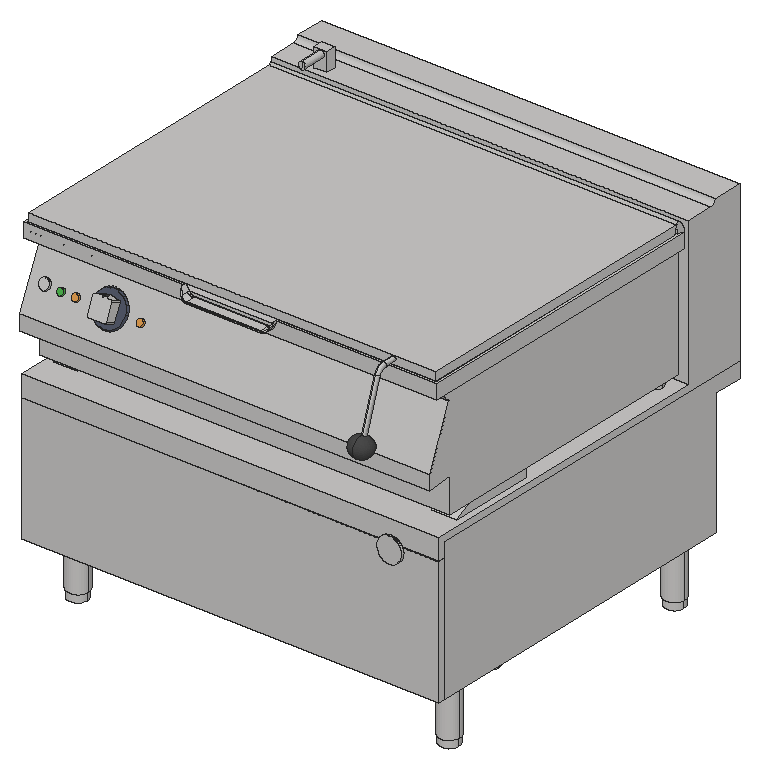
Revit family "QF_ZANUSSI_392141_Z9BRGJDPFM", category Specialty Equipment, Revit 2018
Family settings
  Round Connector Dimension = Use Diameter
  Part Type = Normal
  Work Plane-Based = No
  Always vertical = Yes
  Cut with Voids When Loaded = No
  Shared = No
  Room Calculation Point = No
Parameters
  Width = 1000 mm  # constant formula
  Weight in Pounds = 180  # constant formula
  Weight = 0.00 kg
  Watts = 250 VA  # 250 W
  Volts = 230 V  # constant formula
  URL Manufacturer = "http://www.zanussiprofessional.com"
  URL Cutsheet = "www.electrolux.com"
  URL = "http://www.zanussiprofessional.com"
  Type Mark [instance] = ""
  Steam Supply Size = 0"
  Steam Supply Minimum Pressure = 0.00 psi
  Steam Supply Maximum Pressure = 0.00 psi
  Steam Pounds per Hour = 0
  Status [instance] = ""
  Specification by User [instance] = ""
  Specification by Manufacturer = ""
  Show Logo [instance] = yes
  Show Clearance [instance] = yes
  Serial Number = ""
  Seismic Rating = ""
  SMACNA No = ""
  Revision Code [instance] = ""
  Refrigeration Suction Line Size = 0"
  Refrigeration Liquid Line Size = 0"
  Refrigerant Compressor Remote = yes
  Plumbing Remarks [instance] = ""
  Plumbing Connection Type [instance] = ""
  Phase = 1
  Omniclass Number and Title = ""
  Number of Poles [instance] = 1
  NAFEM Spec ID Number = ""
  Model = "Z9BRGJDPFM"
  Min Ckt Ampacity = 0 A
  Mechanical Remarks [instance] = ""
  Mechanical Connection Type [instance] = ""
  Max Overcurrent Protection = 0 A
  Masterspec = ""
  Manufacturer = "Zanussi"
  Length Actual = 1000 mm  # constant formula
  Item Number [instance] = "392141"
  Installed By [instance] = ""
  Identify Quantity as Lot [instance] = yes
  Hot Water Size = 0"
  Height Actual = 850 mm  # constant formula
  Height = 850 mm  # constant formula
  HP = "0.1 HP"
  Gas Size = 12.7 mm  # 1/2"
  Gas RI Height [instance] = 0 mm
  Gas KW = 27  # constant formula
  Gas Input = 26975.1 VA  # 92043.0 Btu/h
  Gas Connection Height [instance] = 0 mm
  Furnished By [instance] = ""
  Foodservice Equipment Identifier [instance] = yes
  FL Amps = if(Phase = 3, Watts / (Volts * 1.73), Watts / Volts)  # 1.08696 A
  Electrical Remarks [instance] = "230 V/1N ph/50/60 Hz"  # constant formula
  Electric Connection Type [instance] = ""
  Elec Conn RI Height [instance] = 0 mm
  Elec Conn Connection Height [instance] = 0 mm
  Direct Waste Size = 0"
  Description = "100LT GAS BRAISING PAN-DUOMAT BOTTOM AUT"
  Depth Actual = 900 mm  # constant formula
  Depth = 915 mm  # constant formula
  Cycle [instance] = if([60 Hertz Option], 60 Hz, 50 Hz)  # 60 Hz
  Conn Plug = ""
  Conn Conduit = yes
  Condensate Return Size = 0"
  Compressed Air Volume = 0 GPM
  Compressed Air Size = 0"
  Compressed Air Pressure = 0.00 psi
  Cold Water Temperature Recommended [instance] = -459.67 °F
  Cold Water Size = 3/4"
  Cold Water RI Height [instance] = 0 mm
  Cold Water Minimum Pressure = 0.00 psi
  Cold Water Maximum Pressure = 0.00 psi
  Cold Water Flow [instance] = 0 GPM
  Cold Water Consumption = ""
  Cold Water Connection Height = 0 mm
  CSI MasterFormat = ""
  CSI Master Format = ""
  Assembly Code = ""
  Apparent Power = if(Phase = 3, Volts * FL Amps * 1.73, Volts * FL Amps)  # 250 VA
  Accessory = yes
  60 Hertz Option [instance] = not([50 Hertz Option])  # yes
  50 Hertz Option [instance] = no
Reference planes
  plane 1 "BACK": y = 0
  plane 2: z = 0
  plane 3 "LEFT": x = 0
  plane 4 "RIGHT": x = 1000
  plane 5 "FRONT": y = -915
  plane 6 "TOP": z = 898
  plane 7 "Center Y": x = 500
  plane 8 "Center X": y = -457.5
  plane 9 "Base": z = 149
  plane 10: z = 502.193
  plane 11: z = 1653
  plane 12: y = -125
  plane 13: y = -799
  plane 14: x = 55
  plane 15: y = -160.853
  plane 16: x = 945
  plane 17: y = -1014
  plane 18: y = -899.182
  plane 19: x = 986
  plane 20: z = 850
  plane 21 "Connection": z = 182
  plane 22: y = -706
  plane 23: x = 265
  plane 24: x = 105
  plane 25: x = 195
Forms (mm)
  Revolve 1, solid, material "QF_Finishes_Stainless Steel"
    sketch origin (0, -125, 0) x (1, 0, 0) y (0, 0, 1)
      loop
        line (55, 0) -> (55, 149) -> (29.6, 149) -> (29.6, 19.05) -> (32.1, 19.05) -> (32.1, 0) -> (55, 0)
      axis (55, 0) -> (55, 149)
    angle from 0 to 360
  Revolve 2, solid, material "QF_Finishes_Stainless Steel"
    sketch origin (0, -799, 0) x (1, 0, 0) y (0, 0, 1)
      loop
        line (55, 0) -> (55, 149) -> (29.6, 149) -> (29.6, 19.05) -> (32.1, 19.05) -> (32.1, 0) -> (55, 0)
      axis (55, 0) -> (55, 149)
    angle from 0 to 360
  Extrusion 3, solid, material "QF_Finishes_Stainless Steel"
    sketch origin (0, -214.682, 0) x (0, 1, 0) y (0, 0, 1)
      loop
        line (214.682, 487.193) -> (214.682, 866.248) -> (143.055, 866.248)
        arc (143.055, 866.248) -> (139.432, 857.502) -> (130.686, 853.88) r 12.368
        line (130.686, 853.88) -> (64.682, 853.88) -> (64.682, 502.193) -> (-684.5, 502.193) -> (-684.5, 452.193) -> (-669.5, 452.193) -> (-669.5, 487.193) -> (214.682, 487.193)
      loop
        line (-669.5, 149) -> (-669.5, 451.193) -> (-684.5, 451.193) -> (-684.5, 149) -> (-669.5, 149)
    from 0 to 1000
  Extrusion 4, solid, material "QF_Finishes_Stainless Steel"
    sketch origin (0, -214.682, 0) x (0, 1, 0) y (0, 0, 1)
      loop
        line (44.029, 528.406) -> (44.029, 817.127) -> (-678.5, 817.127) -> (-678.5, 809.681) -> (-643.264, 774.446) -> (-700.318, 641.094) -> (-700.318, 606.094) -> (-640.765, 613.406) -> (-640.765, 528.406) -> (44.029, 528.406)
    from 10 to 990
  Sweep 5, solid, material "QF_Finishes_Stainless Steel"
    path origin (0, -204.882, 145) x (-1, 0, 0) y (0, -1, 0)
      loop
        line (-389.998, 694.3) -> (-5, 694.3) -> (-5, -44.029) -> (-995, -44.029) -> (-995, 694.3) -> (-610.002, 694.3)
    profile origin (802.501, -899.182, 145) x (0, -1, 0) y (0, 0, 1)
      loop
        line (-5, 651.359) -> (0, 651.359) -> (0, 685.301) -> (-6, 685.301) -> (-6, 681.062) -> (-5, 681.062) -> (-5, 651.359)
  Extrusion 6, solid, material "QF_Finishes_Stainless Steel"
    sketch origin (0, -214.682, -5) x (0, 1, 0) y (0, 0, 1)
      loop
        line (33.715, 835.301) -> (42.572, 855) -> (-677.138, 855) -> (-677.138, 835.301) -> (33.715, 835.301)
      loop
        arc (64.305, 837.022) -> (57.071, 850.749) -> (45.92, 861.539) r 49.182
        line (45.92, 861.539) -> (39.069, 846.301) -> (45.904, 846.301) -> (45.904, 832.604) -> (64.305, 814.204) -> (64.305, 837.022)
    from 12.363 to 987.637
  Extrusion 7, solid, material "QF_Finishes_Stainless Steel"
    sketch origin (0, -214.682, 0) x (0, 1, 0) y (0, 0, 1)
      loop
        line (-403.818, 528.406) -> (-556.057, 528.406) -> (-609.801, 502.193) -> (-403.818, 502.193) -> (-403.818, 528.406)
    from 16.63 to 76.513
  Extrusion 8, solid, material "QF_Finishes_Stainless Steel"
    sketch origin (0, -207.182, 150) x (-1, 0, 0) y (0, -1, 0)
      loop
        circle (-953.429, -17.496) r 15
      loop
        circle (-46.571, -17.496) r 15
    from 352.193 to 378.406
  Extrusion 9, solid, material "QF_Finishes_Stainless Steel"
    sketch origin (0, -64.682, 0) x (0, 1, 0) y (0, 0, 1)
      loop
        line (-43.387, 853.88) -> (-43.387, 898) -> (-67.444, 898) -> (-67.444, 853.88) -> (-43.387, 853.88)
    from 87.469 to 116.843
  Revolve 10, solid, material "QF_Finishes_Stainless Steel"
    sketch origin (103.25, -64.682, 0) x (0, 1, 0) y (0, 0, 1)
      loop
        line (-67.444, 888.097) -> (-67.444, 896.222) -> (-123.629, 896.222) -> (-123.629, 888.097) -> (-67.444, 888.097)
      axis (-123.629, 888.097) -> (-67.444, 888.097)
    angle from 0 to 360
  Extrusion 11, solid, material "QF_Clearances", visible <- "Show Clearance", detail levels coarse
    sketch origin (0, -214.682, 0) x (1, 0, 0) y (0, 1, 0)
      loop
        line (1000, 214.682) -> (1000, -700.318) -> (1050, -700.318) -> (1050, 264.682) -> (-50, 264.682) -> (-50, -700.318) -> (0, -700.318) -> (0, 214.682) -> (1000, 214.682)
    from 0 to 898
  Extrusion 12, solid, material "QF_Finishes_Stainless Steel"
    sketch origin (1000, 0, 0) x (0, 1, 0) y (0, 0, 1)
      loop
        line (-884.182, 149) -> (-69, 149) -> (-69, 448) -> (0, 448) -> (0, 487.193) -> (-884.182, 487.193) -> (-884.182, 149)
    from 0 to -1000
  Revolve 13, solid, material "QF_Finishes_Stainless Steel"
    sketch origin (1000, -125, 0) x (-1, 0, 0) y (0, 0, -1)
      loop
        line (55, 0) -> (32.1, 0) -> (32.1, -19.05) -> (29.6, -19.05) -> (29.6, -149) -> (55, -149) -> (55, 0)
      axis (55, 0) -> (55, -149)
    angle from 0 to 360
  Revolve 14, solid, material "QF_Finishes_Stainless Steel"
    sketch origin (1000, -799, 0) x (-1, 0, 0) y (0, 0, -1)
      loop
        line (55, 0) -> (32.1, 0) -> (32.1, -19.05) -> (29.6, -19.05) -> (29.6, -149) -> (55, -149) -> (55, 0)
      axis (55, 0) -> (55, -149)
    angle from 0 to 360
  Extrusion 15, solid, material "QF_Finishes_Stainless Steel"
    sketch origin (1000, -69, 149) x (-1, 0, 0) y (0, 1, 0)
      loop
        circle (14, -649.182) r 12.7
    from 0 to 5
  Extrusion 16, solid, material "QF_Finishes_Stainless Steel"
    sketch origin (-3.75, -899.182, 149) x (0, 0, 1) y (-1, 0, 0)
      loop
        circle (289.443, -888.75) r 30
    from 0 to 5
  Extrusion 17, solid, material "QF_Finishes_Stainless Steel"
    sketch origin (0, 0, 182) x (-1, 0, 0) y (0, -1, 0)
      loop
        circle (-105, 706) r 6.35
    from 0 to 45
  Extrusion 18, solid, material "QF_Finishes_Stainless Steel"
    sketch origin (21.213, 21.213, 182) x (-1, 0, 0) y (0, -1, 0)
      loop
        circle (-173.787, 719.213) r 6.35
    from 0 to 45
  Extrusion 19, solid, material "QF_Finishes_Stainless Steel"
    sketch origin (130, 0, 182) x (-1, 0, 0) y (0, -1, 0)
      loop
        circle (-135, 706) r 6.35
    from 0 to 45
  Extrusion 20, solid, material "QF_Finishes_Orange"
    sketch origin (9.372, -901.482, 672.689) x (0, 0.393353, 0.919387) y (-1, 0, 0)
      loop
        circle (34.513, -113.251) r 8
    from 0 to 3.175
  Extrusion 21, solid, material "QF_Finishes_Green"
    sketch origin (14.068, -901.51, 672.624) x (0, 0.393353, 0.919387) y (-1, 0, 0)
      loop
        circle (34.513, -73.251) r 8
    from 0 to 3.175
  Extrusion 22, solid, material "QF_Finishes_Stainless Steel"
    sketch origin (-189.063, -915, 641.094) x (0, 0.393353, 0.919387) y (-1, 0, 0)
      loop
        circle (71.473, -236.635) r 12.7
    from 0 to 3.2
  Extrusion 23, solid, material "QF_Finishes_Orange"
    sketch origin (164.372, -901.482, 672.689) x (0, 0.393353, 0.919387) y (-1, 0, 0)
      loop
        circle (34.513, -113.251) r 8
    from 0 to 3.175
  Extrusion 24, solid, material "QF_Finishes_Stainless Steel"
    sketch origin (50, -201.682, -15.905) x (1, 0, 0) y (0, 0, 1)
      loop
        line (361.528, 822.127) -> (538.476, 822.127)
        arc (538.476, 822.127) -> (548.276, 824.753) -> (555.45, 831.927) r 19.6
        line (555.45, 831.927) -> (559.998, 839.805) -> (559.998, 846.205) -> (552.678, 833.527)
        arc (552.678, 833.527) -> (546.676, 827.524) -> (538.476, 825.327) r 16.4
        line (538.476, 825.327) -> (361.528, 825.327)
        arc (361.528, 825.327) -> (353.322, 827.526) -> (347.314, 833.534) r 16.413
        line (347.314, 833.534) -> (339.998, 846.205) -> (339.998, 839.805) -> (344.543, 831.934)
        arc (344.543, 831.934) -> (351.722, 824.755) -> (361.528, 822.127) r 19.613
    from 697.5 to 717.595
  Extrusion 25, void
    sketch origin (950, 188.397, 1219.2) x (0, -1, 0) y (0, 0, 1)
      loop
        line (1110.167, -415.736) -> (1110.167, -387.945) -> (1093.05, -387.945) -> (1110.167, -415.736)
    from 290.004 to 610
  Extrusion 26, solid, material "QF_Finishes_Stainless Steel"
    sketch origin (1000, -214.682, 0) x (0, 1, 0) y (0, 0, -1)
      loop
        line (-403.818, -528.406) -> (-403.818, -502.193) -> (-609.801, -502.193) -> (-556.057, -528.406) -> (-403.818, -528.406)
    from 16.63 to 76.513
  Sweep 27, solid, material "QF_Finishes_Stainless Steel"
    path origin (208.879, -214.682, -10) x (0, 1, 0) y (0, 0, 1)
      loop
        line (-677.138, 852.831) -> (-705.492, 852.831)
        arc (-705.492, 852.831) -> (-716.963, 849.214) -> (-724.286, 839.672) r 20
        line (-724.286, 839.672) -> (-765.322, 726.924)
    profile origin (208.879, -905.997, 842.831) x (0, 0, -1) y (1, 0, 0)
      loop
        circle (0, 676.16) r 5
  Revolve 28, solid, material "QF_Finishes_Black"
    sketch origin (884.991, -194.682, 0) x (0, 1, 0) y (0, 0, 1)
      loop
        line (-785.322, 716.924) -> (-792.738, 719.623)
        arc (-792.738, 719.623) -> (-818.978, 701.075) -> (-800.713, 674.638) r 22.845
        line (-800.713, 674.638) -> (-785.322, 716.924)
      axis (-785.322, 716.924) -> (-800.713, 674.638)
    angle from 0 to 360
  Extrusion 29, solid, material "QF_Clearances", visible <- "Show Clearance", detail levels coarse
    sketch origin (200, -996.643, 709.193) x (0, 0.238373, -0.971174) y (0, 0.971174, 0.238373)
      loop
        line (33.715, 835.301) -> (42.572, 855) -> (-677.138, 855) -> (-677.138, 835.301) -> (33.715, 835.301)
      loop
        arc (64.305, 837.022) -> (57.071, 850.749) -> (45.92, 861.539) r 49.182
        line (45.92, 861.539) -> (39.069, 846.301) -> (45.904, 846.301) -> (45.904, 832.604) -> (64.305, 814.204) -> (64.305, 837.022)
    from -187.637 to 787.637
  Sweep 30, solid, material "QF_Clearances", visible <- "Show Clearance", detail levels coarse
    path origin (208.84, -1001.499, 708.002) x (0, 0.238373, -0.971174) y (0, 0.971174, 0.238373)
      loop
        line (-677.138, 852.831) -> (-705.492, 852.831)
        arc (-705.492, 852.831) -> (-716.963, 849.214) -> (-724.286, 839.672) r 20
        line (-724.286, 839.672) -> (-765.322, 726.924)
    profile origin (208.84, -338.043, 1582.68) x (0, -0.971174, -0.238373) y (1, 0, 0)
      loop
        circle (0, 676.16) r 5
  Revolve 31, solid, material "QF_Clearances", visible <- "Show Clearance", detail levels coarse
    sketch origin (885, -987.02, 690.962) x (0, 0.238373, -0.971174) y (0, 0.971174, 0.238373)
      loop
        line (-785.322, 716.924) -> (-792.738, 719.623)
        arc (-792.738, 719.623) -> (-818.978, 701.075) -> (-800.713, 674.638) r 22.845
        line (-800.713, 674.638) -> (-785.322, 716.924)
      axis (-785.322, 716.924) -> (-800.713, 674.638)
    angle from 0 to 360
  Extrusion 32, solid, material "QF_Finishes_Stainless Steel"
    sketch origin (390.002, -899.182, 830.301) x (-1, 0, 0) y (0, 0, -1)
      loop
        line (0.004, 33.941) -> (-220, 33.941) -> (-220, -0.006) -> (-212.677, 12.678)
        arc (-212.677, 12.678) -> (-206.674, 18.681) -> (-198.474, 20.878) r 16.4
        line (-198.474, 20.878) -> (-21.526, 20.878)
        arc (-21.526, 20.878) -> (-13.32, 18.679) -> (-7.312, 12.672) r 16.413
        line (-7.312, 12.672) -> (0.004, 0) -> (0.004, 33.941)
    from 0 to -6
  Extrusion 33, solid, material "QF_Plastic-Black-Matte"
    sketch origin (145.417, -886.473, 707.77) x (0, 0.393353, 0.919387) y (0, 0.919387, -0.393353)
      loop
        line (26.984, -34) -> (23.984, -34) -> (23.984, -35) -> (26.984, -35)
        arc (26.984, -35) -> (27.691, -34.707) -> (27.984, -34) r 1
        line (27.984, -34) -> (27.984, -19) -> (26.984, -19) -> (26.984, -34)
    from -58.5 to -56.5
  Extrusion 34, solid, material "QF_Finishes_Stainless Steel"
    sketch origin (202.917, -886.473, 707.77) x (-1, 0, 0) y (0, -0.393353, -0.919387)
      loop
        line (17.5, -17.5) -> (17.5, 17.5) -> (-17.5, 17.5) -> (-17.5, -17.5) -> (17.5, -17.5)
    from 5 to 10
  Extrusion 35, solid, material "QF_Finishes_Stainless Steel"
    sketch origin (202.917, -886.473, 707.77) x (-1, 0, 0) y (0, -0.393353, -0.919387)
      loop
        arc (-21.147, -22.789) -> (0, -26.984) -> (21.147, -22.789) r 55.4
        arc (21.147, -22.789) -> (22.494, -21.685) -> (23, -20.019) r 2.997
        line (23, -20.019) -> (23, 20.019)
        arc (23, 20.019) -> (22.122, 22.138) -> (20.003, 23.016) r 2.997
        line (20.003, 23.016) -> (-20.003, 23.016)
        arc (-20.003, 23.016) -> (-22.122, 22.138) -> (-23, 20.019) r 2.997
        line (-23, 20.019) -> (-23, -20.019)
        arc (-23, -20.019) -> (-22.494, -21.685) -> (-21.147, -22.789) r 2.997
    from 10 to 34
  Blend 36, solid, material "QF_Finishes_Navy Blue"
    base sketch origin (202.917, -886.473, 707.77) x (1, 0, 0) y (0, 0.393353, 0.919387)
      loop
        circle (0, 0) r 42.5
    top sketch origin (202.917, -886.473, 707.77) x (1, 0, 0) y (0, 0.393353, 0.919387)
      loop
        circle (0, 0) r 40.5
    from 0 to 5
Cuts and joins
  Extrusion 25 cuts Extrusion 24
  joined: Sweep 5, Extrusion 24, Extrusion 32
Lines and regions (mm)
  Split face 1
    outline origin (202.917, -891.07, 709.737) x (1, 0, 0) y (0, 0.393353, 0.919387)
      loop
        arc (-0.521, 36.501) -> (-26.491, 26.394) -> (-37.708, 0.884) r 36.411
        line (-37.708, 0.884) -> (-31.708, 0.884)
        arc (-31.708, 0.884) -> (-21.998, 23.844) -> (-0.521, 36.501) r 39.733
  Split face 2
    outline origin (202.917, -891.07, 709.737) x (1, 0, 0) y (0, 0.393353, 0.919387)
      loop
        circle (-30.633, -14.752) r 1.5
  Split face 3
    outline origin (202.917, -891.07, 709.737) x (1, 0, 0) y (0, 0.393353, 0.919387)
      loop
        circle (-21.199, -26.582) r 1.5
  Split face 4
    outline origin (202.917, -891.07, 709.737) x (1, 0, 0) y (0, 0.393353, 0.919387)
      loop
        circle (-7.566, -33.148) r 1.5
  Split face 5
    outline origin (202.917, -891.07, 709.737) x (1, 0, 0) y (0, 0.393353, 0.919387)
      loop
        circle (7.566, -33.148) r 1.5
  Split face 6
    outline origin (202.917, -891.07, 709.737) x (1, 0, 0) y (0, 0.393353, 0.919387)
      loop
        circle (21.199, -26.582) r 1.5
  Split face 7
    outline origin (202.917, -891.07, 709.737) x (1, 0, 0) y (0, 0.393353, 0.919387)
      loop
        circle (30.633, -14.752) r 1.5
  Split face 8
    outline origin (202.917, -891.07, 709.737) x (1, 0, 0) y (0, 0.393353, 0.919387)
      loop
        circle (34, 0) r 1.5
  Split face 9
    outline origin (202.917, -891.07, 709.737) x (1, 0, 0) y (0, -0.393353, -0.919387)
      loop
        circle (30.633, -14.752) r 1.5
  Split face 10
    outline origin (202.917, -891.07, 709.737) x (1, 0, 0) y (0, -0.393353, -0.919387)
      loop
        circle (21.199, -26.582) r 1.5
  symbolic lines
    curve 1: line (0, -899.182, 149) -> (380.622, -899.182, 149)
    curve 2: line (5, -160.853, 149) -> (5, -899.182, 149)
    curve 3: line (0, 0, 149) -> (0, -899.182, 149)
    curve 4: line (1000, -899.182, 149) -> (1000, 0, 149)
    curve 5: line (5, -160.853, 149) -> (95.125, -160.853, 149)
    curve 6: line (989, -171.653, 149) -> (111.375, -171.653, 149)
    curve 7: line (0, -71.628, 149) -> (1000, -71.628, 149)
    curve 8: line (111.375, -160.853, 149) -> (995, -160.853, 149)
    curve 9: line (95.125, -172.111, 149) -> (12.363, -172.111, 149)
    curve 10: line (90.942, -172.111, 149) -> (90.942, -192.672, 149)
    curve 11: line (117.192, -171.653, 149) -> (117.192, -192.672, 149)
    curve 12: arc (90.942, -192.672, 149) -> (104.067, -205.797, 149) -> (117.192, -192.672, 149) r 13.125
    curve 13: line (604.543, -915, 149) -> (880, -915, 149)
    curve 14: line (12.363, -891.82, 149) -> (987.637, -891.82, 149)
    curve 15: line (0, 0, 149) -> (1000, 0, 149)
    curve 19: line (880, -980.005, 149) -> (880, -891.82, 149)
    curve 20: line (890, -980.005, 149) -> (890, -891.82, 149)
    curve 21: spline (885, -987.42, 149) -> (886.603, -987.265, 149) -> (888.14, -986.808, 149) -> (889.545, -986.066, 149) -> (890.761, -985.072, 149) -> (891.737, -983.866, 149) -> (892.431, -982.499, 149) -> (892.815, -981.028, 149) -> (892.874, -979.515, 149) -> (892.604, -978.022, 149) -> (892.016, -976.611, 149) -> (891.136, -975.342, 149) -> (890, -974.268, 149)
    curve 22: spline (890, -980.005, 149) -> (889.957, -980.618, 149) -> (889.83, -981.221, 149) -> (889.619, -981.803, 149) -> (889.33, -982.354, 149) -> (888.967, -982.865, 149) -> (888.536, -983.327, 149) -> (888.044, -983.732, 149) -> (887.5, -984.074, 149) -> (886.913, -984.345, 149) -> (886.294, -984.543, 149) -> (885.653, -984.663, 149) -> (885, -984.703, 149)
    curve 23: spline (885, -984.703, 149) -> (884.347, -984.663, 149) -> (883.706, -984.543, 149) -> (883.087, -984.345, 149) -> (882.5, -984.074, 149) -> (881.956, -983.732, 149) -> (881.464, -983.327, 149) -> (881.033, -982.865, 149) -> (880.67, -982.354, 149) -> (880.381, -981.803, 149) -> (880.17, -981.221, 149) -> (880.043, -980.618, 149) -> (880, -980.005, 149)
    curve 24: spline (880, -974.268, 149) -> (878.864, -975.342, 149) -> (877.984, -976.611, 149) -> (877.396, -978.022, 149) -> (877.126, -979.515, 149) -> (877.185, -981.028, 149) -> (877.569, -982.499, 149) -> (878.263, -983.866, 149) -> (879.239, -985.072, 149) -> (880.455, -986.066, 149) -> (881.86, -986.808, 149) -> (883.397, -987.265, 149) -> (885, -987.42, 149)
    curve 25: line (95.125, -188.311, 149) -> (111.375, -188.311, 149)
    curve 26: line (95.125, -132.127, 149) -> (95.125, -188.311, 149)
    curve 27: line (111.375, -188.311, 149) -> (111.375, -132.127, 149)
    curve 28: line (87.469, -132.127, 149) -> (116.843, -132.127, 149)
    curve 29: line (87.469, -108.069, 149) -> (87.469, -132.127, 149)
    curve 30: line (116.843, -108.069, 149) -> (87.469, -108.069, 149)
    curve 31: line (116.843, -132.127, 149) -> (116.843, -108.069, 149)
    curve 32: line (0, -150, 182) -> (95.125, -150, 182)
    curve 33: line (1000, -150, 182) -> (111.375, -150, 182)
    curve 34: line (12.363, -891.82, 149) -> (12.363, -172.111, 149)
    curve 35: line (987.637, -891.82, 149) -> (987.637, -171.653, 149)
    curve 36: line (990, -915, 182) -> (990, -899.182, 182)
    curve 37: line (10, -899.182, 182) -> (10, -915.021, 182)
    curve 38: line (995, -160.853, 149) -> (995, -899.182, 149)
    curve 39: line (179.901, -915.021, 149) -> (10, -915.021, 149)
    curve 40: line (225.917, -915, 149) -> (395.45, -915, 149)
    curve 41: line (619.371, -899.182, 149) -> (880, -899.182, 149)
    curve 42: line (890, -899.182, 149) -> (1000, -899.182, 149)
    curve 43: line (890, -915, 149) -> (990, -915, 149)
    curve 44: arc (880, -961.394, 182) -> (884.914, -1014.03, 182) -> (890, -961.41, 182) r 26.552
    curve 45: line (619.371, -899.182, 182) -> (605.448, -914.035, 182)
    curve 46: spline (605.442, -914.033, 182) -> (604.902, -914.595, 182) -> (604.301, -915.14, 182) -> (603.641, -915.666, 182) -> (602.924, -916.17, 182) -> (602.153, -916.653, 182) -> (601.331, -917.111, 182) -> (600.459, -917.544, 182) -> (599.542, -917.95, 182) -> (598.582, -918.327, 182) -> (597.581, -918.675, 182) -> (596.544, -918.992, 182) -> (595.475, -919.277, 182)
    curve 47: line (404.523, -919.277, 182) -> (595.475, -919.277, 182)
    curve 48: line (394.541, -914.031, 182) -> (380.622, -899.182, 182)
    curve 49: spline (404.523, -919.277, 182) -> (403.452, -918.992, 182) -> (402.414, -918.675, 182) -> (401.413, -918.327, 182) -> (400.452, -917.949, 182) -> (399.534, -917.543, 182) -> (398.662, -917.11, 182) -> (397.838, -916.651, 182) -> (397.067, -916.168, 182) -> (396.35, -915.663, 182) -> (395.689, -915.137, 182) -> (395.087, -914.592, 182) -> (394.547, -914.029, 182)
    curve 50: line (179.917, -899.196, 0) -> (179.917, -925.453, 0)
    curve 51: arc (179.917, -925.453, 0) -> (180.063, -925.917, 0) -> (180.449, -926.213, 0) r 0.809
    curve 52: arc (180.449, -926.213, 0) -> (181.637, -926.693, 0) -> (182.915, -926.786, 0) r 4.127
    curve 53: arc (179.917, -910.086, 0) -> (180.419, -909.365, 0) -> (181.217, -908.995, 0) r 1.682
    curve 54: arc (181.217, -908.995, 0) -> (191.519, -907.497, 0) -> (201.917, -906.988, 0) r 109.079
    curve 55: line (201.917, -899.182, 0) -> (201.917, -909.218, 0)
    curve 56: line (201.917, -909.218, 0) -> (203.917, -909.218, 0)
    curve 57: line (203.917, -909.218, 0) -> (203.917, -899.218, 0)
    curve 58: line (225.917, -899.182, 0) -> (225.917, -925.453, 0)
    curve 59: arc (225.917, -925.453, 0) -> (225.771, -925.917, 0) -> (225.385, -926.213, 0) r 0.809
    curve 60: arc (225.385, -926.213, 0) -> (224.197, -926.693, 0) -> (222.92, -926.786, 0) r 4.127
    curve 61: arc (225.917, -910.086, 0) -> (225.415, -909.365, 0) -> (224.618, -908.995, 0) r 1.682
    curve 62: arc (224.618, -908.995, 0) -> (214.315, -907.497, 0) -> (203.917, -906.988, 0) r 109.079
    curve 63: line (182.915, -926.786, 0) -> (222.92, -926.786, 0)
    curve 64: spline (225.917, -904.183, 0) -> (227.104, -903.848, 0) -> (228.259, -903.497, 0) -> (229.381, -903.13, 0) -> (230.469, -902.747, 0) -> (231.521, -902.348, 0) -> (232.535, -901.936, 0) -> (233.512, -901.509, 0) -> (234.448, -901.068, 0) -> (235.344, -900.615, 0) -> (236.197, -900.149, 0) -> (237.007, -899.671, 0) -> (237.773, -899.182, 0)
    curve 65: spline (168.061, -899.182, 0) -> (168.827, -899.671, 0) -> (169.637, -900.149, 0) -> (170.491, -900.615, 0) -> (171.386, -901.068, 0) -> (172.323, -901.509, 0) -> (173.299, -901.936, 0) -> (174.314, -902.348, 0) -> (175.366, -902.747, 0) -> (176.453, -903.13, 0) -> (177.576, -903.497, 0) -> (178.731, -903.848, 0) -> (179.917, -904.183, 0)
  symbolic lines, style "QF_Clearances", visible <- "Show Clearance", detail levels coarse
    curve 16: line (-50, 50, 150) -> (-50, -918.182, 150)
    curve 17: line (1050, 50, 150) -> (1050, -915, 150)
    curve 18: line (1050, 50, 150) -> (-50, 50, 150)
Dimensions and locks
  equal spacing: plane 3 "LEFT", plane 7 "Center Y", plane 4 "RIGHT"
  "Width": plane 3 "LEFT" to plane 4 "RIGHT"
  equal spacing: plane 5 "FRONT", plane 8 "Center X", plane 1 "BACK"
  "Depth": plane 5 "FRONT" to plane 1 "BACK"
  "Height": plane 20 to level
  plane 9 "Base" to level = 149 mm
  plane 11 to level = 1653 mm
  plane 11 to plane 2 = 1653 mm
  plane 9 "Base" to plane 2 = 149 mm
  plane 13 to plane 12 = 674 mm
  plane 5 "FRONT" to plane 1 "BACK" = 915 mm
  plane 6 "TOP" to plane 2 = 898 mm
  plane 4 "RIGHT" to plane 16 to plane 14 to plane 3 "LEFT" = 55 mm, 890 mm, 55 mm
  plane 1 "BACK" to plane 17 = 1014 mm
  Extrusion 12 to plane 1 "BACK" = 69 mm
  Extrusion 6 to plane 9 "Base" = 701 mm
  plane 2 to Extrusion 12 = 448 mm
  Extrusion 3 to plane 13 = 100.182 mm
  plane 12 to Extrusion 12 = 56 mm
  plane 4 "RIGHT" to plane 19 = 14 mm
  plane 20 to plane 9 "Base" to level = 701 mm, 149 mm
  plane 1 "BACK" to Extrusion 12 = 69 mm
  Extrusion 12 to plane 12 = 56 mm
  plane 12 to plane 13 = 674 mm
  plane 13 to Extrusion 3 = 100.182 mm
  Extrusion 12 to level = 448 mm
  plane 6 "TOP" to level = 898 mm
  plane 21 "Connection" to level = 182 mm
  plane 1 "BACK" to plane 22 = 706 mm
  plane 3 "LEFT" to Extrusion 17 sketch curve = 105 mm
  Extrusion 18 sketch curve to plane 1 "BACK" = 698 mm
  plane 3 "LEFT" to Extrusion 18 sketch curve = 195 mm
  Extrusion 18 to plane 1 "BACK" = 698 mm
  plane 3 "LEFT" to Extrusion 19 sketch curve = 265 mm
  plane 3 "LEFT" to plane 24 = 105 mm
  plane 3 "LEFT" to plane 25 = 195 mm
  plane 3 "LEFT" to plane 23 = 265 mm
  Extrusion 3 to Extrusion 15 = 181 mm
  Extrusion 15 to Extrusion 3 = 181 mm
  aligned and locked: level to plane 2
  aligned and locked: Extrusion 12 to plane 3 "LEFT"
Automatic sketch dimensions
  Revolve 1 sketch curve to plane 9 "Base" = 0 mm  (x2)
  Revolve 1 sketch curve to level = 0 mm
  Revolve 1 sketch curve to plane 14 = 0 mm  (x2)
  Revolve 1 sketch curve to Revolve 1 sketch curve = 22.9 mm
  Revolve 1 sketch curve to Revolve 1 sketch curve = 2.5 mm
  level to Revolve 1 sketch curve = 19.05 mm
  Revolve 1 sketch curve to plane 21 "Connection" = 13 mm
  Revolve 2 sketch curve to plane 9 "Base" = 0 mm  (x2)
  Revolve 2 sketch curve to level = 0 mm
  Revolve 2 sketch curve to plane 14 = 0 mm  (x2)
  Revolve 2 sketch curve to Revolve 2 sketch curve = 22.9 mm
  Revolve 2 sketch curve to Revolve 2 sketch curve = 2.5 mm
  level to Revolve 2 sketch curve = 19.05 mm
  Revolve 2 sketch curve to plane 21 "Connection" = 13 mm
  Extrusion 7 sketch curve to plane 10 = 0 mm
  Extrusion 7 sketch curve to plane 13 = 25.484 mm
  plane 13 to Extrusion 7 sketch curve = 28.261 mm
  plane 22 to Extrusion 7 sketch curve = 87.5 mm
  plane 10 to Extrusion 7 sketch curve = 26.213 mm
  Extrusion 8 sketch curve to plane 16 = 8.429 mm
  Extrusion 8 sketch curve to plane 14 = 8.429 mm
  Extrusion 8 sketch curve to plane 12 = 64.686 mm  (x2)
  Extrusion 9 sketch curve to plane 6 "TOP" = 0 mm
  Extrusion 9 sketch curve to plane 12 = 7.127 mm
  plane 12 to Extrusion 9 sketch curve = 16.931 mm
  plane 20 to Extrusion 9 sketch curve = 3.88 mm
  Revolve 10 sketch curve to plane 6 "TOP" = 9.903 mm
  Revolve 10 sketch curve to plane 12 = 63.311 mm
  Revolve 10 sketch curve to plane 12 = 7.127 mm
  Revolve 10 sketch curve to Revolve 10 sketch curve = 0 mm  (x2)
  plane 12 to Revolve 10 sketch curve = 1.394 mm
  Revolve 10 sketch curve to plane 6 "TOP" = 1.778 mm
  Revolve 13 sketch curve to plane 9 "Base" = 0 mm  (x2)
  Revolve 13 sketch curve to level = 0 mm
  plane 16 to Revolve 13 sketch curve = 0 mm  (x2)
  Revolve 13 sketch curve to plane 19 = 18.1 mm
  Revolve 13 sketch curve to Revolve 13 sketch curve = 2.5 mm
  Revolve 13 sketch curve to plane 21 "Connection" = 13 mm
  level to Revolve 13 sketch curve = 19.05 mm
  Revolve 14 sketch curve to plane 9 "Base" = 0 mm  (x2)
  Revolve 14 sketch curve to level = 0 mm
  plane 16 to Revolve 14 sketch curve = 0 mm  (x2)
  Revolve 14 sketch curve to plane 19 = 18.1 mm
  Revolve 14 sketch curve to Revolve 14 sketch curve = 2.5 mm
  Revolve 14 sketch curve to plane 21 "Connection" = 13 mm
  level to Revolve 14 sketch curve = 19.05 mm
  Extrusion 20 sketch curve to plane 24 = 17.623 mm
  plane 24 to Extrusion 21 sketch curve = 17.681 mm
  Extrusion 22 sketch curve to plane 14 = 7.427 mm
  Extrusion 23 sketch curve to plane 23 = 12.623 mm
  plane 10 to Extrusion 26 sketch curve = 0 mm
  Extrusion 26 sketch curve to plane 13 = 25.484 mm
  plane 13 to Extrusion 26 sketch curve = 28.261 mm
  plane 22 to Extrusion 26 sketch curve = 87.5 mm
  plane 10 to Extrusion 26 sketch curve = 26.213 mm
  plane 17 to Revolve 28 sketch curve = 18.604 mm
  Revolve 28 sketch curve to Revolve 28 sketch curve = 0 mm  (x4)
  plane 17 to Revolve 28 sketch curve = 22.834 mm
  Revolve 28 sketch curve to Revolve 28 sketch curve = 3.746 mm
  Revolve 28 sketch curve to Revolve 28 sketch curve = 7.415 mm
  plane 10 to Revolve 28 sketch curve = 172.444 mm
  Revolve 28 sketch curve to Revolve 28 sketch curve = 22.45 mm
  Extrusion 29 sketch curve to plane 11 = 87.075 mm
  plane 8 "Center X" to Extrusion 29 sketch curve = 110.667 mm
  Extrusion 29 sketch curve to Extrusion 29 sketch curve = 694.86 mm
  Extrusion 29 sketch curve to Extrusion 29 sketch curve = 15.993 mm
  Extrusion 29 sketch curve to Extrusion 29 sketch curve = 5.354 mm
  Extrusion 29 sketch curve to Extrusion 29 sketch curve = 3.503 mm
  Extrusion 29 sketch curve to Extrusion 29 sketch curve = 12.189 mm
  Extrusion 29 sketch curve to Extrusion 29 sketch curve = 3.348 mm
  Extrusion 29 sketch curve to Extrusion 29 sketch curve = 18.4 mm  (x2)
  Extrusion 29 sketch curve to Extrusion 29 sketch curve = 2.697 mm
  Extrusion 29 sketch curve to Extrusion 29 sketch curve = 14.057 mm
  Extrusion 29 sketch curve to Extrusion 29 sketch curve = 4.418 mm
  Extrusion 29 sketch curve to Extrusion 29 sketch curve = 11 mm
  Extrusion 29 sketch curve to Extrusion 29 sketch curve = 6.539 mm
  Sweep 30 sketch curve to plane 8 "Center X" = 20.462 mm
  Sweep 30 sketch curve to plane 11 = 28.458 mm
  Sweep 30 sketch curve to Sweep 30 sketch curve = 41.037 mm
  Sweep 30 sketch curve to Sweep 30 sketch curve = 18.794 mm
  Sweep 30 sketch curve to Sweep 30 sketch curve = 28.354 mm
  Sweep 30 sketch curve to Sweep 30 sketch curve = 105.908 mm
  Sweep 30 sketch curve to Sweep 30 sketch curve = 6.84 mm
  Sweep 30 sketch curve to profile plane = 0 mm
  profile plane to Sweep 30 sketch curve = 676.16 mm
  Revolve 31 sketch curve to plane 11 = 23.591 mm
  Revolve 31 sketch curve to plane 8 "Center X" = 65.198 mm
  Revolve 31 sketch curve to Revolve 31 sketch curve = 0 mm  (x4)
  Revolve 31 sketch curve to Revolve 31 sketch curve = 4.229 mm
  Revolve 31 sketch curve to Revolve 31 sketch curve = 3.746 mm
  Revolve 31 sketch curve to Revolve 31 sketch curve = 7.415 mm
  Revolve 31 sketch curve to Revolve 31 sketch curve = 22.45 mm
  Extrusion 32 sketch curve to Extrusion 32 sketch curve = 7.323 mm
  Extrusion 32 sketch curve to Extrusion 32 sketch curve = 14.203 mm
  Extrusion 32 sketch curve to Extrusion 32 sketch curve = 14.214 mm
  Extrusion 32 sketch curve to plane 20 = 19.693 mm
  Extrusion 32 sketch curve to plane 20 = 19.699 mm
  Extrusion 32 sketch curve to Extrusion 32 sketch curve = 4.465 mm
  Extrusion 32 sketch curve to Extrusion 32 sketch curve = 4.485 mm
  Extrusion 32 sketch curve to Extrusion 32 sketch curve = 12.672 mm
  Extrusion 32 sketch curve to Extrusion 32 sketch curve = 21.263 mm
  plane 7 "Center Y" to Extrusion 32 sketch curve = 110.002 mm
  Extrusion 32 sketch curve to plane 7 "Center Y" = 88.472 mm
  Extrusion 32 sketch curve to Extrusion 32 sketch curve = 7.316 mm
  Extrusion 24 sketch curve to Extrusion 24 sketch curve = 0 mm  (x4)
  Extrusion 24 sketch curve to plane 20 = 26.099 mm
  Extrusion 24 sketch curve to plane 7 "Center Y" = 110.002 mm
  Extrusion 24 sketch curve to Extrusion 24 sketch curve = 4.545 mm
  Extrusion 24 sketch curve to plane 20 = 32.371 mm
  Extrusion 24 sketch curve to Extrusion 24 sketch curve = 2.771 mm  (x2)
  Extrusion 24 sketch curve to Extrusion 24 sketch curve = 14.214 mm
  plane 7 "Center Y" to Extrusion 24 sketch curve = 88.476 mm
  Extrusion 24 sketch curve to Extrusion 24 sketch curve = 14.203 mm
  Extrusion 24 sketch curve to plane 20 = 33.978 mm
  Extrusion 24 sketch curve to Extrusion 24 sketch curve = 4.548 mm
  Extrusion 24 sketch curve to Extrusion 24 sketch curve = 8.206 mm
  Extrusion 24 sketch curve to Extrusion 24 sketch curve = 7.878 mm
  Extrusion 24 sketch curve to Extrusion 24 sketch curve = 6.4 mm  (x2)
  Extrusion 24 sketch curve to Extrusion 24 sketch curve = 3.2 mm
  plane 5 "FRONT" to curve 17 = 0 mm
  plane 4 "RIGHT" to curve 17 = 50 mm
  curve 18 to plane 3 "LEFT" = 50 mm
  curve 16 to plane 1 "BACK" = 50 mm
  plane 5 "FRONT" to curve 16 = 3.182 mm
  Extrusion 3 sketch curve to plane 10 = 0 mm
  Extrusion 3 sketch curve to plane 9 "Base" = 0 mm
  Extrusion 3 sketch curve to plane 1 "BACK" = 0 mm
  plane 20 to Extrusion 3 sketch curve = 16.248 mm
  plane 12 to Extrusion 3 sketch curve = 53.372 mm
  Extrusion 3 sketch curve to Extrusion 3 sketch curve = 12.368 mm
  Extrusion 3 sketch curve to plane 12 = 25 mm
  Extrusion 3 sketch curve to plane 5 "FRONT" = 30.818 mm  (x2)
  Extrusion 3 sketch curve to plane 10 = 15 mm
  Extrusion 3 sketch curve to Extrusion 3 sketch curve = 15 mm
  Extrusion 3 sketch curve to plane 5 "FRONT" = 15.818 mm
  Extrusion 3 sketch curve to Extrusion 3 sketch curve = 36 mm
  Extrusion 3 sketch curve to Extrusion 3 sketch curve = 1 mm
  Extrusion 4 sketch curve to plane 5 "FRONT" = 0 mm
  Extrusion 4 sketch curve to plane 5 "FRONT" = 21.818 mm
  Extrusion 4 sketch curve to Extrusion 4 sketch curve = 35.236 mm
  plane 10 to Extrusion 4 sketch curve = 26.213 mm
  Extrusion 4 sketch curve to plane 13 = 56.447 mm
  Extrusion 4 sketch curve to plane 12 = 45.653 mm
  Extrusion 4 sketch curve to Extrusion 4 sketch curve = 77.688 mm
  Extrusion 4 sketch curve to Extrusion 4 sketch curve = 7.312 mm
  Extrusion 4 sketch curve to Extrusion 4 sketch curve = 35 mm
  Extrusion 4 sketch curve to plane 20 = 75.554 mm
  Extrusion 4 sketch curve to plane 20 = 40.319 mm
  Extrusion 4 sketch curve to plane 20 = 32.873 mm
  plane 15 to Sweep 5 sketch curve = 0 mm
  Sweep 5 sketch curve to plane 4 "RIGHT" = 5 mm
  plane 3 "LEFT" to Sweep 5 sketch curve = 5 mm
  Sweep 5 sketch curve to plane 5 "FRONT" = 15.818 mm  (x2)
  plane 7 "Center Y" to Sweep 5 sketch curve = 110.002 mm
  Sweep 5 sketch curve to plane 7 "Center Y" = 110.002 mm
  Sweep 5 sketch curve to profile plane = 0 mm
  profile plane to Sweep 5 sketch curve = 5 mm
  Sweep 5 sketch curve to Sweep 5 sketch curve = 1 mm
  profile plane to Sweep 5 sketch curve = 651.359 mm
  Sweep 5 sketch curve to Sweep 5 sketch curve = 29.703 mm
  Sweep 5 sketch curve to Sweep 5 sketch curve = 4.238 mm
  Extrusion 6 sketch curve to plane 20 = 0 mm
  Extrusion 6 sketch curve to plane 5 "FRONT" = 23.18 mm
  Extrusion 6 sketch curve to plane 20 = 33.757 mm
  Extrusion 6 sketch curve to plane 12 = 71.96 mm
  Extrusion 6 sketch curve to plane 20 = 19.699 mm
  Extrusion 6 sketch curve to Extrusion 6 sketch curve = 15.993 mm
  Extrusion 6 sketch curve to plane 20 = 8.699 mm
  Extrusion 6 sketch curve to Extrusion 6 sketch curve = 5.354 mm
  Extrusion 6 sketch curve to Extrusion 6 sketch curve = 3.503 mm
  Extrusion 6 sketch curve to Extrusion 6 sketch curve = 12.189 mm
  plane 20 to Extrusion 6 sketch curve = 6.539 mm
  Extrusion 6 sketch curve to Extrusion 6 sketch curve = 3.348 mm
  Extrusion 6 sketch curve to plane 20 = 17.978 mm
  Extrusion 6 sketch curve to Extrusion 6 sketch curve = 22.819 mm
  Extrusion 6 sketch curve to Extrusion 6 sketch curve = 2.697 mm
  plane 5 "FRONT" to Extrusion 11 sketch curve = 0 mm  (x2)
  Extrusion 11 sketch curve to plane 3 "LEFT" = 0 mm
  plane 1 "BACK" to Extrusion 11 sketch curve = 0 mm
  Extrusion 11 sketch curve to plane 4 "RIGHT" = 0 mm
  Extrusion 11 sketch curve to plane 3 "LEFT" = 50 mm
  plane 4 "RIGHT" to Extrusion 11 sketch curve = 50 mm
  Extrusion 11 sketch curve to plane 1 "BACK" = 50 mm
  Extrusion 12 sketch curve to plane 9 "Base" = 0 mm
  Extrusion 12 sketch curve to plane 1 "BACK" = 0 mm
  plane 12 to Extrusion 12 sketch curve = 56 mm
  Extrusion 12 sketch curve to plane 5 "FRONT" = 30.818 mm
  Extrusion 12 sketch curve to plane 10 = 54.193 mm
  Extrusion 12 sketch curve to plane 10 = 15 mm
  Extrusion 15 sketch curve to Extrusion 12 = 14 mm
  Extrusion 15 sketch curve to Extrusion 12 = 166 mm
  Extrusion 16 sketch curve to Extrusion 3 = 12.75 mm
  Extrusion 3 to Extrusion 16 sketch curve = 115 mm
  Extrusion 17 sketch curve to plane 22 = 0 mm
  Extrusion 19 sketch curve to plane 22 = 0 mm
  curve 33 to plane 4 "RIGHT" = 0 mm
  plane 5 "FRONT" to curve 36 = 0 mm
  plane 5 "FRONT" to curve 37 = 0.021 mm
  curve 32 to plane 3 "LEFT" = 0 mm
  plane 17 to curve 44 = 26.522 mm
  plane 16 to curve 44 = 60.043 mm
  plane 5 "FRONT" to curve 47 = 4.277 mm
  plane 7 "Center Y" to curve 47 = 95.475 mm
  curve 47 to plane 7 "Center Y" = 95.477 mm
  plane 19 to curve 36 = 4 mm
  curve 44 to curve 44 = 5.043 mm
  curve 44 to curve 44 = 10 mm
  curve 45 to plane 5 "FRONT" = 15.818 mm
  curve 45 to curve 47 = 23.896 mm
  curve 46 to curve 47 = 11.938 mm
  curve 45 to plane 5 "FRONT" = 0.965 mm
  curve 46 to curve 45 = 1.965 mm
  curve 45 to curve 46 = 0.006 mm
  curve 46 to plane 5 "FRONT" = 5.606 mm
  curve 47 to curve 46 = 8.908 mm
  curve 49 to plane 5 "FRONT" = 5.613 mm
  curve 49 to curve 47 = 8.911 mm
  curve 49 to plane 5 "FRONT" = 0.971 mm
  curve 49 to curve 49 = 9.976 mm
  curve 48 to plane 5 "FRONT" = 0.969 mm
  curve 49 to curve 48 = 0.006 mm
  curve 48 to plane 5 "FRONT" = 15.818 mm
  curve 49 to curve 48 = 11.953 mm
  curve 33 to plane 24 = 6.375 mm
  plane 24 to curve 32 = 9.875 mm
  plane 3 "LEFT" to curve 37 = 10 mm
  curve 36 to plane 5 "FRONT" = 15.818 mm
  curve 37 to plane 5 "FRONT" = 15.818 mm
  curve 32 to plane 12 = 25 mm
  curve 32 to curve 33 = 0 mm
  curve 44 to curve 44 = 26.085 mm
  Extrusion 25 sketch curve to plane 5 "FRONT" = 10.347 mm
  plane 5 "FRONT" to Extrusion 25 sketch curve = 6.769 mm
  Extrusion 25 sketch curve to plane 20 = 46.536 mm
  Extrusion 25 sketch curve to plane 20 = 18.745 mm
  plane 5 "FRONT" to Sweep 27 sketch curve = 23.968 mm
  plane 5 "FRONT" to Sweep 27 sketch curve = 5.174 mm
  Sweep 27 sketch curve to plane 20 = 27.169 mm
  Sweep 27 sketch curve to Sweep 27 sketch curve = 6.84 mm
  plane 17 to Sweep 27 sketch curve = 33.995 mm
  Sweep 27 sketch curve to plane 5 "FRONT" = 23.18 mm
  Sweep 27 sketch curve to Sweep 27 sketch curve = 112.748 mm
  Sweep 27 sketch curve to profile plane = 0 mm
  profile plane to Sweep 27 sketch curve = 676.16 mm
  Split face 1 sketch curve to Split face 1 sketch curve = 6 mm
  Split face 1 sketch curve to Split face 1 sketch curve = 30.402 mm
  Split face 1 sketch curve to Split face 1 sketch curve = 9.201 mm
  Split face 1 sketch curve to Split face 1 sketch curve = 2.43 mm
  Split face 1 sketch curve to Split face 1 sketch curve = 0.785 mm
  Extrusion 33 sketch curve to plane 5 "FRONT" = 5.782 mm
  Extrusion 33 sketch curve to plane 20 = 106.412 mm
  Extrusion 33 sketch curve to Extrusion 33 sketch curve = 3 mm
  Extrusion 33 sketch curve to Extrusion 33 sketch curve = 0 mm
  Extrusion 33 sketch curve to Extrusion 33 sketch curve = 1 mm  (x2)
  Extrusion 33 sketch curve to Extrusion 33 sketch curve = 15 mm
  Extrusion 34 sketch curve to plane 25 = 25.417 mm
  plane 25 to Extrusion 34 sketch curve = 9.583 mm
  Extrusion 34 sketch curve to Extrusion 34 sketch curve = 35 mm
  Extrusion 35 sketch curve to plane 25 = 30.917 mm
  Extrusion 35 sketch curve to Extrusion 35 sketch curve = 2.997 mm  (x3)
  Extrusion 35 sketch curve to plane 25 = 7.917 mm
  plane 25 to Extrusion 35 sketch curve = 12.085 mm  (x2)
  Extrusion 35 sketch curve to Extrusion 35 sketch curve = 0 mm  (x2)
  Extrusion 35 sketch curve to Extrusion 35 sketch curve = 40.037 mm
  Extrusion 35 sketch curve to Extrusion 35 sketch curve = 5.399 mm
  Blend 36 sketch curve to plane 25 = 7.917 mm  (x2)
  plane 25 to curve 50 = 15.083 mm
  plane 25 to curve 51 = 14.274 mm
  plane 25 to curve 53 = 13.5 mm
  plane 25 to curve 52 = 12.429 mm
  curve 51 to curve 63 = 2.189 mm
  curve 53 to curve 56 = 20.417 mm
  curve 54 to plane 25 = 7.048 mm
  curve 54 to curve 62 = 1.738 mm
  curve 55 to curve 57 = 2 mm
  curve 56 to curve 63 = 19.003 mm
  curve 60 to curve 60 = 0.343 mm
  curve 60 to curve 61 = 1.071 mm
  curve 60 to curve 59 = 2.189 mm
  curve 59 to curve 58 = 0.809 mm
  curve 54 to plane 17 = 2.066 mm
  curve 54 to curve 62 = 0 mm
  curve 52 to curve 50 = 1.333 mm
  curve 60 to curve 59 = 1.333 mm
  curve 59 to curve 60 = 2.779 mm
  curve 51 to curve 52 = 2.779 mm
  curve 52 to curve 53 = 12.021 mm
  curve 60 to curve 61 = 12.021 mm
  curve 53 to curve 56 = 1.435 mm
  curve 65 to curve 50 = 11.856 mm
  curve 64 to curve 65 = 5.644 mm
  curve 65 to curve 64 = 0 mm
  plane 25 to curve 54 = 13.783 mm
  curve 55 to curve 65 = 1 mm
  curve 64 to curve 65 = 0 mm
  curve 61 to curve 62 = 0.284 mm
  curve 58 to curve 64 = 11.856 mm
  curve 61 to curve 61 = 0.567 mm
  curve 53 to curve 53 = 0.567 mm
  curve 53 to curve 65 = 4.813 mm
  curve 62 to curve 64 = 4.813 mm
  curve 62 to curve 57 = 7.77 mm
  curve 65 to curve 50 = 4.987 mm
  curve 64 to curve 58 = 5.001 mm
  curve 58 to curve 64 = 0 mm
  curve 65 to curve 64 = 8.112 mm
  curve 57 to curve 55 = 0.035 mm
  plane 5 "FRONT" to curve 63 = 11.786 mm
  curve 4 to plane 4 "RIGHT" = 0 mm
  plane 5 "FRONT" to curve 43 = 0 mm
  plane 5 "FRONT" to curve 13 = 0 mm
  plane 5 "FRONT" to curve 40 = 0 mm
  plane 1 "BACK" to curve 15 = 0 mm
  curve 15 to plane 3 "LEFT" = 0 mm
  curve 8 to plane 4 "RIGHT" = 5 mm
  plane 19 to curve 14 = 1.637 mm
  plane 16 to curve 20 = 55 mm
  curve 20 to curve 19 = 10 mm
  curve 11 to plane 24 = 12.192 mm
  curve 28 to plane 24 = 11.843 mm
  curve 27 to plane 24 = 6.375 mm
  plane 24 to curve 12 = 0.933 mm
  curve 25 to curve 10 = 4.184 mm
  plane 24 to curve 29 = 17.531 mm
  plane 3 "LEFT" to curve 9 = 12.363 mm
  plane 3 "LEFT" to curve 2 = 5 mm
  plane 12 to curve 31 = 16.931 mm
  curve 31 to plane 12 = 7.127 mm
  curve 8 to plane 12 = 35.853 mm
  curve 5 to plane 12 = 35.853 mm
  curve 2 to curve 34 = 11.257 mm
  curve 9 to curve 25 = 16.201 mm
  curve 25 to curve 10 = 4.36 mm
  curve 34 to plane 5 "FRONT" = 23.18 mm
  curve 14 to curve 3 = 7.363 mm
  curve 14 to curve 42 = 7.363 mm
  plane 17 to curve 19 = 33.995 mm
  curve 20 to curve 23 = 0 mm
  plane 19 to curve 43 = 4 mm
  curve 6 to curve 35 = 1.363 mm
  curve 21 to curve 22 = 2.891 mm
  curve 24 to curve 21 = 0 mm
  curve 23 to curve 20 = 0 mm
  curve 24 to curve 22 = 0 mm  (x2)
  curve 41 to plane 5 "FRONT" = 15.818 mm
  plane 7 "Center Y" to curve 41 = 119.371 mm
  curve 41 to curve 13 = 14.828 mm
  curve 40 to plane 7 "Center Y" = 104.55 mm
  curve 40 to curve 1 = 14.828 mm
  curve 40 to plane 25 = 30.917 mm
  plane 5 "FRONT" to curve 39 = 0.021 mm
  plane 25 to curve 39 = 15.099 mm
  plane 3 "LEFT" to curve 39 = 10 mm
  plane 12 to curve 7 = 53.372 mm
  curve 8 to curve 11 = 10.8 mm
  curve 24 to curve 19 = 5.737 mm
  curve 21 to curve 20 = 5.737 mm
  curve 22 to curve 24 = 2.717 mm
  radius of Extrusion 8 sketch curve = 15 mm  (x2)
  radius of Extrusion 20 sketch curve = 8 mm
  radius of Extrusion 21 sketch curve = 8 mm
  radius of Extrusion 22 sketch curve = 12.7 mm
  radius of Extrusion 23 sketch curve = 8 mm
  radius of Sweep 30 sketch curve = 5 mm
  radius of Extrusion 15 sketch curve = 12.7 mm
  radius of Extrusion 16 sketch curve = 30 mm
  radius of Extrusion 17 sketch curve = 6.35 mm
  radius of Extrusion 18 sketch curve = 6.35 mm
  radius of Extrusion 19 sketch curve = 6.35 mm
  radius of Sweep 27 sketch curve = 5 mm
  radius of Split face 2 sketch curve = 1.5 mm
  radius of Split face 3 sketch curve = 1.5 mm
  radius of Split face 4 sketch curve = 1.5 mm
  radius of Split face 5 sketch curve = 1.5 mm
  radius of Split face 6 sketch curve = 1.5 mm
  radius of Split face 7 sketch curve = 1.5 mm
  radius of Split face 8 sketch curve = 1.5 mm
  radius of Split face 9 sketch curve = 1.5 mm
  radius of Split face 10 sketch curve = 1.5 mm
  radius of Blend 36 sketch curve = 42.5 mm
  radius of Blend 36 sketch curve = 40.5 mm
Connectors
  piping at (105, -706, 182), diameter 12.8
    settings: on Extrusion 17, index 1, connector inside diameter 0.50394", connector length 0 mm, flow factor 0, pipe flow 0 GPM, pressure drop 0.00 psi, fitting loss kfactor 0, connector angle 0.00°, fixture units 0, engagement length 0 mm, angle of deflection 0.00°, flow configuration 1, flow direction 1, fitting loss method 0, system type 7, joint type 0, gender type 0, connector reference index -1, connector utility 0, adjustable connector no, is connector primary yes, connector description "GAS CONNECTION"
  piping at (195, -698, 182), diameter 19
    settings: on Extrusion 18, index 2, connector inside diameter 0.74803", connector length 0 mm, flow factor 0, pipe flow 0 GPM, pressure drop 0.00 psi, fitting loss kfactor 0, connector angle 0.00°, fixture units 0, engagement length 0 mm, angle of deflection 0.00°, flow configuration 1, flow direction 1, fitting loss method 0, system type 20, joint type 0, gender type 0, connector reference index -1, connector utility 0, adjustable connector no, is connector primary no, connector description "COLD WATER INLET"
  electrical at (265, -706, 182), driven by "Volts", driven by "Watts"
    settings: on Extrusion 19, index 3, voltage 230 V, apparent load 250 VA, apparent load phase1 0 VA, apparent load phase2 0 VA, apparent load phase3 0 VA, power factor 1, load classification "Other", number of poles 1, system type 30, power factor state 1, is connector primary yes, connector utility no, sub classification motor no, connector description "ELECTRICAL CONNECTION"
